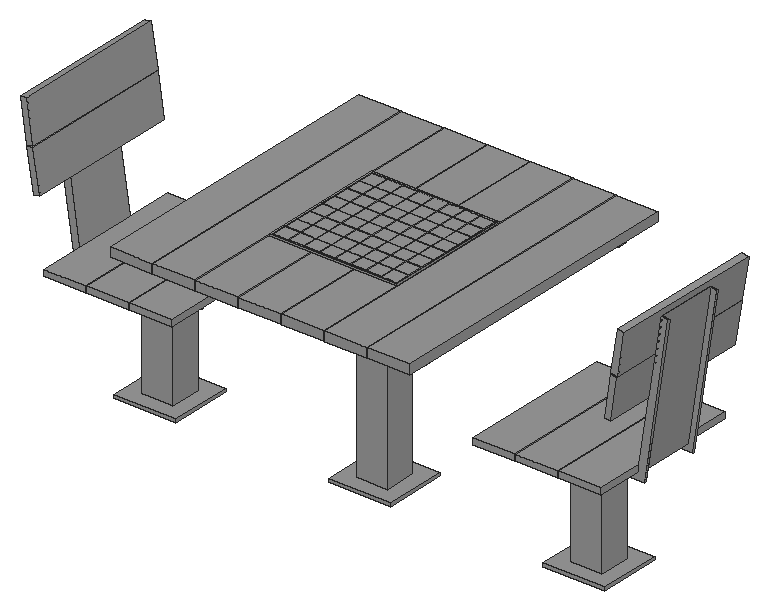
Revit family "Стол шахматный с комплектом стульев «Мюнхен» Арт 20372", category Антураж, Revit 2018
Family settings
  На основе рабочей плоскости = Нет
  Всегда вертикально = Да
  При загрузке вырезать с полостями = Нет
  Источник визуального образа = Геометрия семейства
  Общий = Нет
  Точка расчета площади = Нет
Parameters (values of type "Стол шахматный со стульями «Мюнхен»")
  Ширина = 963 mm  # constant formula
  Цвет отделки = Дерево
  Цвет каркаса = Сталь
  Описание = "Стол шахматный с комплектом стульев «Мюнхен»"  # constant formula
  Материал изделия = "Сталь, дерево"  # constant formula
  Изображение типоразмера = Стол шахматный с комплектом стульев Мюнхен Арт 20372.jpg
  Изготовитель = "ООО «Хоббика»"  # constant formula
  Длина = 1000 mm  # constant formula
  Группа модели = "Новинки"  # constant formula
  Высота = 720 mm  # constant formula
  Артикул товара = "Арт. 20372"  # constant formula
  URL = "https://hobbyka.ru/product/stol_shakhmatnyy_s_komplektom_stulev_myunkhen/"
Reference planes
  plane 1 "По центру (Вперед/Назад)": y = 0
  plane 2: z = 0
  plane 3 "По центру (Влево/Вправо)": x = 0
  plane 4: x = 963
  plane 5: y = 1000
  plane 6: z = 720
Forms (mm)
  Extrusion 1, solid, material "Дерево" <- "Цвет отделки"
    sketch origin (0, 0, 0) x (1, 0, 0) y (0, 1, 0)
      loop
        line (0, 1000) -> (0, 0) -> (135, 0) -> (135, 1000) -> (0, 1000)
    from 690 to 720
  Extrusion 2, solid, material "Дерево" <- "Цвет отделки"
    sketch origin (138, 0, 0) x (1, 0, 0) y (0, 1, 0)
      loop
        line (0, 1000) -> (0, 0) -> (135, 0) -> (135, 1000) -> (0, 1000)
    from 690 to 720
  Extrusion 3, solid, material "Дерево" <- "Цвет отделки"
    sketch origin (276, 0, 0) x (1, 0, 0) y (0, 1, 0)
      loop
        line (0, 1000) -> (0, 0) -> (135, 0) -> (135, 1000) -> (0, 1000)
    from 690 to 720
  Extrusion 4, solid, material "Дерево" <- "Цвет отделки"
    sketch origin (414, 0, 0) x (1, 0, 0) y (0, 1, 0)
      loop
        line (0, 1000) -> (0, 0) -> (135, 0) -> (135, 1000) -> (0, 1000)
    from 690 to 720
  Extrusion 5, solid, material "Дерево" <- "Цвет отделки"
    sketch origin (552, 0, 0) x (1, 0, 0) y (0, 1, 0)
      loop
        line (0, 1000) -> (0, 0) -> (135, 0) -> (135, 1000) -> (0, 1000)
    from 690 to 720
  Extrusion 6, solid, material "Дерево" <- "Цвет отделки"
    sketch origin (690, 0, 0) x (1, 0, 0) y (0, 1, 0)
      loop
        line (0, 1000) -> (0, 0) -> (135, 0) -> (135, 1000) -> (0, 1000)
    from 690 to 720
  Extrusion 7, solid, material "Дерево" <- "Цвет отделки"
    sketch origin (828, 0, 0) x (1, 0, 0) y (0, 1, 0)
      loop
        line (0, 1000) -> (0, 0) -> (135, 0) -> (135, 1000) -> (0, 1000)
    from 690 to 720
  Extrusion 8, solid, material "Доска светлые"
    sketch origin (963, 0, 0) x (-1, 0, 0) y (0, -1, 0)
      loop
        line (276, -705.5) -> (687, -705.5) -> (687, -294.5) -> (276, -294.5) -> (276, -705.5)
      loop
        line (281.5, -700) -> (681.5, -700) -> (681.5, -300) -> (281.5, -300) -> (281.5, -700)
    from 720 to 725
  Extrusion 9, solid, material "Доска светлые"
    sketch origin (963, 0, 0) x (-1, 0, 0) y (0, -1, 0)
      loop
        line (281.5, -700) -> (331.5, -700) -> (331.5, -650) -> (281.5, -650) -> (281.5, -700)
    from 720 to 725
  Extrusion 10, solid, material "Доска светлые"
    sketch origin (863, 0, 0) x (-1, 0, 0) y (0, -1, 0)
      loop
        line (281.5, -700) -> (331.5, -700) -> (331.5, -650) -> (281.5, -650) -> (281.5, -700)
    from 720 to 725
  Extrusion 11, solid, material "Доска светлые"
    sketch origin (763, 0, 0) x (-1, 0, 0) y (0, -1, 0)
      loop
        line (281.5, -700) -> (331.5, -700) -> (331.5, -650) -> (281.5, -650) -> (281.5, -700)
    from 720 to 725
  Extrusion 12, solid, material "Доска светлые"
    sketch origin (663, 0, 0) x (-1, 0, 0) y (0, -1, 0)
      loop
        line (281.5, -700) -> (331.5, -700) -> (331.5, -650) -> (281.5, -650) -> (281.5, -700)
    from 720 to 725
  Extrusion 13, solid, material "Доска светлые"
    sketch origin (963, -100, 0) x (-1, 0, 0) y (0, -1, 0)
      loop
        line (281.5, -700) -> (331.5, -700) -> (331.5, -650) -> (281.5, -650) -> (281.5, -700)
    from 720 to 725
  Extrusion 14, solid, material "Доска светлые"
    sketch origin (863, -100, 0) x (-1, 0, 0) y (0, -1, 0)
      loop
        line (281.5, -700) -> (331.5, -700) -> (331.5, -650) -> (281.5, -650) -> (281.5, -700)
    from 720 to 725
  Extrusion 15, solid, material "Доска светлые"
    sketch origin (763, -100, 0) x (-1, 0, 0) y (0, -1, 0)
      loop
        line (281.5, -700) -> (331.5, -700) -> (331.5, -650) -> (281.5, -650) -> (281.5, -700)
    from 720 to 725
  Extrusion 16, solid, material "Доска светлые"
    sketch origin (663, -100, 0) x (-1, 0, 0) y (0, -1, 0)
      loop
        line (281.5, -700) -> (331.5, -700) -> (331.5, -650) -> (281.5, -650) -> (281.5, -700)
    from 720 to 725
  Extrusion 17, solid, material "Доска светлые"
    sketch origin (963, -200, 0) x (-1, 0, 0) y (0, -1, 0)
      loop
        line (281.5, -700) -> (331.5, -700) -> (331.5, -650) -> (281.5, -650) -> (281.5, -700)
    from 720 to 725
  Extrusion 18, solid, material "Доска светлые"
    sketch origin (863, -200, 0) x (-1, 0, 0) y (0, -1, 0)
      loop
        line (281.5, -700) -> (331.5, -700) -> (331.5, -650) -> (281.5, -650) -> (281.5, -700)
    from 720 to 725
  Extrusion 19, solid, material "Доска светлые"
    sketch origin (763, -200, 0) x (-1, 0, 0) y (0, -1, 0)
      loop
        line (281.5, -700) -> (331.5, -700) -> (331.5, -650) -> (281.5, -650) -> (281.5, -700)
    from 720 to 725
  Extrusion 20, solid, material "Доска светлые"
    sketch origin (663, -200, 0) x (-1, 0, 0) y (0, -1, 0)
      loop
        line (281.5, -700) -> (331.5, -700) -> (331.5, -650) -> (281.5, -650) -> (281.5, -700)
    from 720 to 725
  Extrusion 21, solid, material "Доска светлые"
    sketch origin (963, -300, 0) x (-1, 0, 0) y (0, -1, 0)
      loop
        line (281.5, -700) -> (331.5, -700) -> (331.5, -650) -> (281.5, -650) -> (281.5, -700)
    from 720 to 725
  Extrusion 22, solid, material "Доска светлые"
    sketch origin (863, -300, 0) x (-1, 0, 0) y (0, -1, 0)
      loop
        line (281.5, -700) -> (331.5, -700) -> (331.5, -650) -> (281.5, -650) -> (281.5, -700)
    from 720 to 725
  Extrusion 23, solid, material "Доска светлые"
    sketch origin (763, -300, 0) x (-1, 0, 0) y (0, -1, 0)
      loop
        line (281.5, -700) -> (331.5, -700) -> (331.5, -650) -> (281.5, -650) -> (281.5, -700)
    from 720 to 725
  Extrusion 24, solid, material "Доска светлые"
    sketch origin (663, -300, 0) x (-1, 0, 0) y (0, -1, 0)
      loop
        line (281.5, -700) -> (331.5, -700) -> (331.5, -650) -> (281.5, -650) -> (281.5, -700)
    from 720 to 725
  Extrusion 25, solid, material "Доска светлые"
    sketch origin (913, -50, 0) x (-1, 0, 0) y (0, -1, 0)
      loop
        line (281.5, -700) -> (331.5, -700) -> (331.5, -650) -> (281.5, -650) -> (281.5, -700)
    from 720 to 725
  Extrusion 26, solid, material "Доска светлые"
    sketch origin (813, -50, 0) x (-1, 0, 0) y (0, -1, 0)
      loop
        line (281.5, -700) -> (331.5, -700) -> (331.5, -650) -> (281.5, -650) -> (281.5, -700)
    from 720 to 725
  Extrusion 27, solid, material "Доска светлые"
    sketch origin (713, -50, 0) x (-1, 0, 0) y (0, -1, 0)
      loop
        line (281.5, -700) -> (331.5, -700) -> (331.5, -650) -> (281.5, -650) -> (281.5, -700)
    from 720 to 725
  Extrusion 28, solid, material "Доска светлые"
    sketch origin (613, -50, 0) x (-1, 0, 0) y (0, -1, 0)
      loop
        line (281.5, -700) -> (331.5, -700) -> (331.5, -650) -> (281.5, -650) -> (281.5, -700)
    from 720 to 725
  Extrusion 29, solid, material "Доска светлые"
    sketch origin (913, -150, 0) x (-1, 0, 0) y (0, -1, 0)
      loop
        line (281.5, -700) -> (331.5, -700) -> (331.5, -650) -> (281.5, -650) -> (281.5, -700)
    from 720 to 725
  Extrusion 30, solid, material "Доска светлые"
    sketch origin (813, -150, 0) x (-1, 0, 0) y (0, -1, 0)
      loop
        line (281.5, -700) -> (331.5, -700) -> (331.5, -650) -> (281.5, -650) -> (281.5, -700)
    from 720 to 725
  Extrusion 31, solid, material "Доска светлые"
    sketch origin (713, -150, 0) x (-1, 0, 0) y (0, -1, 0)
      loop
        line (281.5, -700) -> (331.5, -700) -> (331.5, -650) -> (281.5, -650) -> (281.5, -700)
    from 720 to 725
  Extrusion 32, solid, material "Доска светлые"
    sketch origin (613, -150, 0) x (-1, 0, 0) y (0, -1, 0)
      loop
        line (281.5, -700) -> (331.5, -700) -> (331.5, -650) -> (281.5, -650) -> (281.5, -700)
    from 720 to 725
  Extrusion 33, solid, material "Доска светлые"
    sketch origin (913, -250, 0) x (-1, 0, 0) y (0, -1, 0)
      loop
        line (281.5, -700) -> (331.5, -700) -> (331.5, -650) -> (281.5, -650) -> (281.5, -700)
    from 720 to 725
  Extrusion 34, solid, material "Доска светлые"
    sketch origin (813, -250, 0) x (-1, 0, 0) y (0, -1, 0)
      loop
        line (281.5, -700) -> (331.5, -700) -> (331.5, -650) -> (281.5, -650) -> (281.5, -700)
    from 720 to 725
  Extrusion 35, solid, material "Доска светлые"
    sketch origin (713, -250, 0) x (-1, 0, 0) y (0, -1, 0)
      loop
        line (281.5, -700) -> (331.5, -700) -> (331.5, -650) -> (281.5, -650) -> (281.5, -700)
    from 720 to 725
  Extrusion 36, solid, material "Доска светлые"
    sketch origin (613, -250, 0) x (-1, 0, 0) y (0, -1, 0)
      loop
        line (281.5, -700) -> (331.5, -700) -> (331.5, -650) -> (281.5, -650) -> (281.5, -700)
    from 720 to 725
  Extrusion 37, solid, material "Доска светлые"
    sketch origin (913, -350, 0) x (-1, 0, 0) y (0, -1, 0)
      loop
        line (281.5, -700) -> (331.5, -700) -> (331.5, -650) -> (281.5, -650) -> (281.5, -700)
    from 720 to 725
  Extrusion 38, solid, material "Доска светлые"
    sketch origin (813, -350, 0) x (-1, 0, 0) y (0, -1, 0)
      loop
        line (281.5, -700) -> (331.5, -700) -> (331.5, -650) -> (281.5, -650) -> (281.5, -700)
    from 720 to 725
  Extrusion 39, solid, material "Доска светлые"
    sketch origin (713, -350, 0) x (-1, 0, 0) y (0, -1, 0)
      loop
        line (281.5, -700) -> (331.5, -700) -> (331.5, -650) -> (281.5, -650) -> (281.5, -700)
    from 720 to 725
  Extrusion 40, solid, material "Доска светлые"
    sketch origin (613, -350, 0) x (-1, 0, 0) y (0, -1, 0)
      loop
        line (281.5, -700) -> (331.5, -700) -> (331.5, -650) -> (281.5, -650) -> (281.5, -700)
    from 720 to 725
  Extrusion 41, solid, material "Доска темные"
    sketch origin (963, 0, 0) x (-1, 0, 0) y (0, -1, 0)
      loop
        line (331.5, -700) -> (381.5, -700) -> (381.5, -650) -> (331.5, -650) -> (331.5, -700)
      loop
        line (431.5, -700) -> (481.5, -700) -> (481.5, -650) -> (431.5, -650) -> (431.5, -700)
      loop
        line (531.5, -700) -> (581.5, -700) -> (581.5, -650) -> (531.5, -650) -> (531.5, -700)
      loop
        line (631.5, -700) -> (681.5, -700) -> (681.5, -650) -> (631.5, -650) -> (631.5, -700)
    from 720 to 725
  Extrusion 42, solid, material "Доска темные"
    sketch origin (963, -100, 0) x (-1, 0, 0) y (0, -1, 0)
      loop
        line (331.5, -700) -> (381.5, -700) -> (381.5, -650) -> (331.5, -650) -> (331.5, -700)
      loop
        line (431.5, -700) -> (481.5, -700) -> (481.5, -650) -> (431.5, -650) -> (431.5, -700)
      loop
        line (531.5, -700) -> (581.5, -700) -> (581.5, -650) -> (531.5, -650) -> (531.5, -700)
      loop
        line (631.5, -700) -> (681.5, -700) -> (681.5, -650) -> (631.5, -650) -> (631.5, -700)
    from 720 to 725
  Extrusion 43, solid, material "Доска темные"
    sketch origin (963, -200, 0) x (-1, 0, 0) y (0, -1, 0)
      loop
        line (331.5, -700) -> (381.5, -700) -> (381.5, -650) -> (331.5, -650) -> (331.5, -700)
      loop
        line (431.5, -700) -> (481.5, -700) -> (481.5, -650) -> (431.5, -650) -> (431.5, -700)
      loop
        line (531.5, -700) -> (581.5, -700) -> (581.5, -650) -> (531.5, -650) -> (531.5, -700)
      loop
        line (631.5, -700) -> (681.5, -700) -> (681.5, -650) -> (631.5, -650) -> (631.5, -700)
    from 720 to 725
  Extrusion 44, solid, material "Доска темные"
    sketch origin (963, -300, 0) x (-1, 0, 0) y (0, -1, 0)
      loop
        line (331.5, -700) -> (381.5, -700) -> (381.5, -650) -> (331.5, -650) -> (331.5, -700)
      loop
        line (431.5, -700) -> (481.5, -700) -> (481.5, -650) -> (431.5, -650) -> (431.5, -700)
      loop
        line (531.5, -700) -> (581.5, -700) -> (581.5, -650) -> (531.5, -650) -> (531.5, -700)
      loop
        line (631.5, -700) -> (681.5, -700) -> (681.5, -650) -> (631.5, -650) -> (631.5, -700)
    from 720 to 725
  Extrusion 45, solid, material "Доска темные"
    sketch origin (1013, -50, 0) x (-1, 0, 0) y (0, -1, 0)
      loop
        line (331.5, -700) -> (381.5, -700) -> (381.5, -650) -> (331.5, -650) -> (331.5, -700)
      loop
        line (431.5, -700) -> (481.5, -700) -> (481.5, -650) -> (431.5, -650) -> (431.5, -700)
      loop
        line (531.5, -700) -> (581.5, -700) -> (581.5, -650) -> (531.5, -650) -> (531.5, -700)
      loop
        line (631.5, -700) -> (681.5, -700) -> (681.5, -650) -> (631.5, -650) -> (631.5, -700)
    from 720 to 725
  Extrusion 46, solid, material "Доска темные"
    sketch origin (1013, -150, 0) x (-1, 0, 0) y (0, -1, 0)
      loop
        line (331.5, -700) -> (381.5, -700) -> (381.5, -650) -> (331.5, -650) -> (331.5, -700)
      loop
        line (431.5, -700) -> (481.5, -700) -> (481.5, -650) -> (431.5, -650) -> (431.5, -700)
      loop
        line (531.5, -700) -> (581.5, -700) -> (581.5, -650) -> (531.5, -650) -> (531.5, -700)
      loop
        line (631.5, -700) -> (681.5, -700) -> (681.5, -650) -> (631.5, -650) -> (631.5, -700)
    from 720 to 725
  Extrusion 47, solid, material "Доска темные"
    sketch origin (1013, -250, 0) x (-1, 0, 0) y (0, -1, 0)
      loop
        line (331.5, -700) -> (381.5, -700) -> (381.5, -650) -> (331.5, -650) -> (331.5, -700)
      loop
        line (431.5, -700) -> (481.5, -700) -> (481.5, -650) -> (431.5, -650) -> (431.5, -700)
      loop
        line (531.5, -700) -> (581.5, -700) -> (581.5, -650) -> (531.5, -650) -> (531.5, -700)
      loop
        line (631.5, -700) -> (681.5, -700) -> (681.5, -650) -> (631.5, -650) -> (631.5, -700)
    from 720 to 725
  Extrusion 48, solid, material "Доска темные"
    sketch origin (1013, -350, 0) x (-1, 0, 0) y (0, -1, 0)
      loop
        line (331.5, -700) -> (381.5, -700) -> (381.5, -650) -> (331.5, -650) -> (331.5, -700)
      loop
        line (431.5, -700) -> (481.5, -700) -> (481.5, -650) -> (431.5, -650) -> (431.5, -700)
      loop
        line (531.5, -700) -> (581.5, -700) -> (581.5, -650) -> (531.5, -650) -> (531.5, -700)
      loop
        line (631.5, -700) -> (681.5, -700) -> (681.5, -650) -> (631.5, -650) -> (631.5, -700)
    from 720 to 725
  Extrusion 49, solid, material "Сталь" <- "Цвет каркаса"
    sketch origin (0, 0, 0) x (1, 0, 0) y (0, 1, 0)
      loop
        line (381.5, 600) -> (381.5, 400) -> (581.5, 400) -> (581.5, 600) -> (381.5, 600)
    from 0 to 10
  Extrusion 50, solid, material "Сталь" <- "Цвет каркаса"
    sketch origin (0, 0, 0) x (1, 0, 0) y (0, 1, 0)
      loop
        line (431.5, 550) -> (431.5, 450) -> (531.5, 450) -> (531.5, 550) -> (431.5, 550)
    from 0 to 690
  Extrusion 51, solid, material "Сталь" <- "Цвет каркаса"
    sketch origin (0, 0, 0) x (1, 0, 0) y (0, 1, 0)
      loop
        line (25, 900) -> (25, 875) -> (466.774, 500) -> (25, 125) -> (25, 100) -> (938, 100) -> (938, 125) -> (496.226, 500) -> (938, 875) -> (938, 900) -> (25, 900)
      loop
        line (908.548, 875) -> (54.452, 875) -> (481.5, 512.5) -> (908.548, 875)
      loop
        line (908.548, 125) -> (481.5, 487.5) -> (54.452, 125) -> (908.548, 125)
    from 665 to 690
  Extrusion 52, solid, material "Сталь" <- "Цвет каркаса"
    sketch origin (-690, 0, 0) x (1, 0, 0) y (0, 1, 0)
      loop
        line (381.5, 600) -> (381.5, 400) -> (581.5, 400) -> (581.5, 600) -> (381.5, 600)
    from 0 to 10
  Extrusion 53, solid, material "Сталь" <- "Цвет каркаса"
    sketch origin (-690, 0, 0) x (1, 0, 0) y (0, 1, 0)
      loop
        line (431.5, 550) -> (431.5, 450) -> (531.5, 450) -> (531.5, 550) -> (431.5, 550)
    from 0 to 380
  Extrusion 54, solid, material "Дерево" <- "Цвет отделки"
    sketch origin (-414, 0, 0) x (1, 0, 0) y (0, 1, 0)
      loop
        line (0, 750) -> (0, 250) -> (135, 250) -> (135, 750) -> (0, 750)
    from 380 to 400
  Extrusion 55, solid, material "Дерево" <- "Цвет отделки"
    sketch origin (-276, 0, 0) x (1, 0, 0) y (0, 1, 0)
      loop
        line (0, 750) -> (0, 250) -> (135, 250) -> (135, 750) -> (0, 750)
    from 380 to 400
  Extrusion 56, solid, material "Дерево" <- "Цвет отделки"
    sketch origin (-138, 0, 0) x (1, 0, 0) y (0, 1, 0)
      loop
        line (0, 750) -> (0, 250) -> (135, 250) -> (135, 750) -> (0, 750)
    from 380 to 400
  Extrusion 57, solid, material "Дерево" <- "Цвет отделки"
    sketch origin (-864.935, 0, 813.426) x (0.156434, 0, -0.987688) y (0, 1, 0)
      loop
        line (0, 750) -> (0, 250) -> (135, 250) -> (135, 750) -> (0, 750)
    from 380 to 400
  Extrusion 58, solid, material "Дерево" <- "Цвет отделки"
    sketch origin (-843.347, 0, 677.125) x (0.156434, 0, -0.987688) y (0, 1, 0)
      loop
        line (0, 750) -> (0, 250) -> (135, 250) -> (135, 750) -> (0, 750)
    from 380 to 400
  Sweep 59, solid, material "Сталь" <- "Цвет каркаса"
    path origin (0, 0, 0) x (1, 0, 0) y (0, 0, 1)
      loop
        line (-486.78, 854.52) -> (-413.952, 380) -> (-28, 380)
    profile origin (-220.976, 0, 380) x (0, 0, 1) y (0, -1, 0)
      loop
        line (0, -400) -> (-25, -400) -> (-25, -405) -> (-5, -405) -> (-5, -595) -> (-25, -595) -> (-25, -600) -> (0, -600) -> (0, -400)
  Extrusion 60, solid, material "Сталь" <- "Цвет каркаса"
    sketch origin (1653, 0, 0) x (-1, 0, 0) y (0, -1, 0)
      loop
        line (381.5, -600) -> (581.5, -600) -> (581.5, -400) -> (381.5, -400) -> (381.5, -600)
    from 0 to 10
  Extrusion 61, solid, material "Сталь" <- "Цвет каркаса"
    sketch origin (1653, 0, 0) x (-1, 0, 0) y (0, -1, 0)
      loop
        line (431.5, -550) -> (531.5, -550) -> (531.5, -450) -> (431.5, -450) -> (431.5, -550)
    from 0 to 380
  Extrusion 62, solid, material "Дерево" <- "Цвет отделки"
    sketch origin (1377, 0, 0) x (-1, 0, 0) y (0, -1, 0)
      loop
        line (0, -750) -> (135, -750) -> (135, -250) -> (0, -250) -> (0, -750)
    from 380 to 400
  Extrusion 63, solid, material "Дерево" <- "Цвет отделки"
    sketch origin (1239, 0, 0) x (-1, 0, 0) y (0, -1, 0)
      loop
        line (0, -750) -> (135, -750) -> (135, -250) -> (0, -250) -> (0, -750)
    from 380 to 400
  Extrusion 64, solid, material "Дерево" <- "Цвет отделки"
    sketch origin (1101, 0, 0) x (-1, 0, 0) y (0, -1, 0)
      loop
        line (0, -750) -> (135, -750) -> (135, -250) -> (0, -250) -> (0, -750)
    from 380 to 400
  Extrusion 65, solid, material "Дерево" <- "Цвет отделки"
    sketch origin (1827.935, 0, 813.426) x (-0.156434, 0, -0.987688) y (0, -1, 0)
      loop
        line (0, -750) -> (135, -750) -> (135, -250) -> (0, -250) -> (0, -750)
    from 380 to 400
  Extrusion 66, solid, material "Дерево" <- "Цвет отделки"
    sketch origin (1806.347, 0, 677.125) x (-0.156434, 0, -0.987688) y (0, -1, 0)
      loop
        line (0, -750) -> (135, -750) -> (135, -250) -> (0, -250) -> (0, -750)
    from 380 to 400
  Sweep 67, solid, material "Сталь" <- "Цвет каркаса"
    path origin (963, 0, 0) x (-1, 0, 0) y (0, 0, 1)
      loop
        line (-486.78, 854.52) -> (-413.952, 380) -> (-28, 380)
    profile origin (1183.976, 0, 380) x (0, 0, -1) y (0, -1, 0)
      loop
        line (0, -400) -> (0, -600) -> (25, -600) -> (25, -595) -> (5, -595) -> (5, -405) -> (25, -405) -> (25, -400) -> (0, -400)
Cuts and joins
  joined: Extrusion 49, Extrusion 50, Extrusion 51
Dimensions and locks
  "Длина": plane 5 to plane 1 "По центру (Вперед/Назад)"
  "Ширина": plane 3 "По центру (Влево/Вправо)" to plane 4
  "Высота": plane 6 to plane 2
  aligned and locked: level to plane 2
Automatic sketch dimensions
  plane 1 "По центру (Вперед/Назад)" to Extrusion 1 sketch curve = 0 mm
  Extrusion 1 sketch curve to plane 3 "По центру (Влево/Вправо)" = 0 mm
  Extrusion 1 sketch curve to plane 5 = 0 mm
  plane 3 "По центру (Влево/Вправо)" to Extrusion 1 sketch curve = 135 mm
  plane 1 "По центру (Вперед/Назад)" to Extrusion 2 sketch curve = 0 mm
  Extrusion 2 sketch curve to plane 5 = 0 mm
  plane 3 "По центру (Влево/Вправо)" to Extrusion 2 sketch curve = 138 mm
  Extrusion 2 sketch curve to Extrusion 2 sketch curve = 135 mm
  plane 1 "По центру (Вперед/Назад)" to Extrusion 3 sketch curve = 0 mm
  Extrusion 3 sketch curve to plane 5 = 0 mm
  plane 3 "По центру (Влево/Вправо)" to Extrusion 3 sketch curve = 276 mm
  Extrusion 3 sketch curve to Extrusion 3 sketch curve = 135 mm
  plane 1 "По центру (Вперед/Назад)" to Extrusion 4 sketch curve = 0 mm
  Extrusion 4 sketch curve to plane 5 = 0 mm
  plane 3 "По центру (Влево/Вправо)" to Extrusion 4 sketch curve = 414 mm
  Extrusion 4 sketch curve to Extrusion 4 sketch curve = 135 mm
  plane 1 "По центру (Вперед/Назад)" to Extrusion 5 sketch curve = 0 mm
  Extrusion 5 sketch curve to plane 5 = 0 mm
  Extrusion 5 sketch curve to plane 4 = 411 mm
  Extrusion 5 sketch curve to Extrusion 5 sketch curve = 135 mm
  plane 1 "По центру (Вперед/Назад)" to Extrusion 6 sketch curve = 0 mm
  Extrusion 6 sketch curve to plane 5 = 0 mm
  Extrusion 6 sketch curve to plane 4 = 273 mm
  Extrusion 6 sketch curve to Extrusion 6 sketch curve = 135 mm
  plane 1 "По центру (Вперед/Назад)" to Extrusion 7 sketch curve = 0 mm
  Extrusion 7 sketch curve to plane 5 = 0 mm
  Extrusion 7 sketch curve to plane 4 = 0 mm
  Extrusion 7 sketch curve to Extrusion 7 sketch curve = 135 mm
  Extrusion 8 sketch curve to plane 4 = 276 mm
  Extrusion 8 sketch curve to Extrusion 8 sketch curve = 5.5 mm  (x4)
  plane 3 "По центру (Влево/Вправо)" to Extrusion 8 sketch curve = 281.5 mm
  Extrusion 8 sketch curve to plane 5 = 294.5 mm
  Extrusion 8 sketch curve to plane 1 "По центру (Вперед/Назад)" = 300 mm
  Extrusion 9 sketch curve to plane 4 = 281.5 mm
  Extrusion 9 sketch curve to Extrusion 9 sketch curve = 50 mm  (x2)
  Extrusion 9 sketch curve to plane 5 = 300 mm
  Extrusion 10 sketch curve to plane 4 = 381.5 mm
  Extrusion 10 sketch curve to Extrusion 10 sketch curve = 50 mm  (x2)
  Extrusion 10 sketch curve to plane 5 = 300 mm
  plane 3 "По центру (Влево/Вправо)" to Extrusion 11 sketch curve = 481.5 mm
  Extrusion 11 sketch curve to Extrusion 11 sketch curve = 50 mm  (x2)
  Extrusion 11 sketch curve to plane 5 = 300 mm
  plane 3 "По центру (Влево/Вправо)" to Extrusion 12 sketch curve = 381.5 mm
  Extrusion 12 sketch curve to Extrusion 12 sketch curve = 50 mm  (x2)
  Extrusion 12 sketch curve to plane 5 = 300 mm
  Extrusion 13 sketch curve to plane 4 = 281.5 mm
  Extrusion 13 sketch curve to Extrusion 13 sketch curve = 50 mm  (x2)
  Extrusion 13 sketch curve to plane 5 = 400 mm
  Extrusion 14 sketch curve to plane 4 = 381.5 mm
  Extrusion 14 sketch curve to Extrusion 14 sketch curve = 50 mm  (x2)
  Extrusion 14 sketch curve to plane 5 = 400 mm
  plane 3 "По центру (Влево/Вправо)" to Extrusion 15 sketch curve = 481.5 mm
  Extrusion 15 sketch curve to Extrusion 15 sketch curve = 50 mm  (x2)
  Extrusion 15 sketch curve to plane 5 = 400 mm
  plane 3 "По центру (Влево/Вправо)" to Extrusion 16 sketch curve = 381.5 mm
  Extrusion 16 sketch curve to Extrusion 16 sketch curve = 50 mm  (x2)
  Extrusion 16 sketch curve to plane 5 = 400 mm
  Extrusion 17 sketch curve to plane 4 = 281.5 mm
  Extrusion 17 sketch curve to Extrusion 17 sketch curve = 50 mm  (x2)
  Extrusion 17 sketch curve to plane 1 "По центру (Вперед/Назад)" = 500 mm
  Extrusion 18 sketch curve to plane 4 = 381.5 mm
  Extrusion 18 sketch curve to Extrusion 18 sketch curve = 50 mm  (x2)
  Extrusion 18 sketch curve to plane 1 "По центру (Вперед/Назад)" = 500 mm
  plane 3 "По центру (Влево/Вправо)" to Extrusion 19 sketch curve = 481.5 mm
  Extrusion 19 sketch curve to Extrusion 19 sketch curve = 50 mm  (x2)
  Extrusion 19 sketch curve to plane 1 "По центру (Вперед/Назад)" = 500 mm
  plane 3 "По центру (Влево/Вправо)" to Extrusion 20 sketch curve = 381.5 mm
  Extrusion 20 sketch curve to Extrusion 20 sketch curve = 50 mm  (x2)
  Extrusion 20 sketch curve to plane 1 "По центру (Вперед/Назад)" = 500 mm
  Extrusion 21 sketch curve to plane 4 = 281.5 mm
  Extrusion 21 sketch curve to Extrusion 21 sketch curve = 50 mm  (x2)
  Extrusion 21 sketch curve to plane 1 "По центру (Вперед/Назад)" = 400 mm
  Extrusion 22 sketch curve to plane 4 = 381.5 mm
  Extrusion 22 sketch curve to Extrusion 22 sketch curve = 50 mm  (x2)
  Extrusion 22 sketch curve to plane 1 "По центру (Вперед/Назад)" = 400 mm
  plane 3 "По центру (Влево/Вправо)" to Extrusion 23 sketch curve = 481.5 mm
  Extrusion 23 sketch curve to Extrusion 23 sketch curve = 50 mm  (x2)
  Extrusion 23 sketch curve to plane 1 "По центру (Вперед/Назад)" = 400 mm
  plane 3 "По центру (Влево/Вправо)" to Extrusion 24 sketch curve = 381.5 mm
  Extrusion 24 sketch curve to Extrusion 24 sketch curve = 50 mm  (x2)
  Extrusion 24 sketch curve to plane 1 "По центру (Вперед/Назад)" = 400 mm
  Extrusion 25 sketch curve to plane 4 = 331.5 mm
  Extrusion 25 sketch curve to Extrusion 25 sketch curve = 50 mm  (x2)
  Extrusion 25 sketch curve to plane 5 = 350 mm
  Extrusion 26 sketch curve to plane 4 = 431.5 mm
  Extrusion 26 sketch curve to Extrusion 26 sketch curve = 50 mm  (x2)
  Extrusion 26 sketch curve to plane 5 = 350 mm
  plane 3 "По центру (Влево/Вправо)" to Extrusion 27 sketch curve = 431.5 mm
  Extrusion 27 sketch curve to Extrusion 27 sketch curve = 50 mm  (x2)
  Extrusion 27 sketch curve to plane 5 = 350 mm
  plane 3 "По центру (Влево/Вправо)" to Extrusion 28 sketch curve = 331.5 mm
  Extrusion 28 sketch curve to Extrusion 28 sketch curve = 50 mm  (x2)
  Extrusion 28 sketch curve to plane 5 = 350 mm
  Extrusion 29 sketch curve to plane 4 = 331.5 mm
  Extrusion 29 sketch curve to Extrusion 29 sketch curve = 50 mm  (x2)
  Extrusion 29 sketch curve to plane 5 = 450 mm
  Extrusion 30 sketch curve to plane 4 = 431.5 mm
  Extrusion 30 sketch curve to Extrusion 30 sketch curve = 50 mm  (x2)
  Extrusion 30 sketch curve to plane 5 = 450 mm
  plane 3 "По центру (Влево/Вправо)" to Extrusion 31 sketch curve = 431.5 mm
  Extrusion 31 sketch curve to Extrusion 31 sketch curve = 50 mm  (x2)
  Extrusion 31 sketch curve to plane 5 = 450 mm
  plane 3 "По центру (Влево/Вправо)" to Extrusion 32 sketch curve = 331.5 mm
  Extrusion 32 sketch curve to Extrusion 32 sketch curve = 50 mm  (x2)
  Extrusion 32 sketch curve to plane 5 = 450 mm
  Extrusion 33 sketch curve to plane 4 = 331.5 mm
  Extrusion 33 sketch curve to Extrusion 33 sketch curve = 50 mm  (x2)
  Extrusion 33 sketch curve to plane 1 "По центру (Вперед/Назад)" = 450 mm
  Extrusion 34 sketch curve to plane 4 = 431.5 mm
  Extrusion 34 sketch curve to Extrusion 34 sketch curve = 50 mm  (x2)
  Extrusion 34 sketch curve to plane 1 "По центру (Вперед/Назад)" = 450 mm
  plane 3 "По центру (Влево/Вправо)" to Extrusion 35 sketch curve = 431.5 mm
  Extrusion 35 sketch curve to Extrusion 35 sketch curve = 50 mm  (x2)
  Extrusion 35 sketch curve to plane 1 "По центру (Вперед/Назад)" = 450 mm
  plane 3 "По центру (Влево/Вправо)" to Extrusion 36 sketch curve = 331.5 mm
  Extrusion 36 sketch curve to Extrusion 36 sketch curve = 50 mm  (x2)
  Extrusion 36 sketch curve to plane 1 "По центру (Вперед/Назад)" = 450 mm
  Extrusion 37 sketch curve to plane 4 = 331.5 mm
  Extrusion 37 sketch curve to Extrusion 37 sketch curve = 50 mm  (x2)
  Extrusion 37 sketch curve to plane 1 "По центру (Вперед/Назад)" = 350 mm
  Extrusion 38 sketch curve to plane 4 = 431.5 mm
  Extrusion 38 sketch curve to Extrusion 38 sketch curve = 50 mm  (x2)
  Extrusion 38 sketch curve to plane 1 "По центру (Вперед/Назад)" = 350 mm
  plane 3 "По центру (Влево/Вправо)" to Extrusion 39 sketch curve = 431.5 mm
  Extrusion 39 sketch curve to Extrusion 39 sketch curve = 50 mm  (x2)
  Extrusion 39 sketch curve to plane 1 "По центру (Вперед/Назад)" = 350 mm
  plane 3 "По центру (Влево/Вправо)" to Extrusion 40 sketch curve = 331.5 mm
  Extrusion 40 sketch curve to Extrusion 40 sketch curve = 50 mm  (x2)
  Extrusion 40 sketch curve to plane 1 "По центру (Вперед/Назад)" = 350 mm
  Extrusion 41 sketch curve to plane 4 = 331.5 mm
  Extrusion 41 sketch curve to Extrusion 41 sketch curve = 50 mm  (x8)
  Extrusion 41 sketch curve to plane 5 = 300 mm
  Extrusion 41 sketch curve to Extrusion 41 sketch curve = 0 mm  (x6)
  Extrusion 42 sketch curve to plane 4 = 331.5 mm
  Extrusion 42 sketch curve to Extrusion 42 sketch curve = 50 mm  (x8)
  Extrusion 42 sketch curve to plane 5 = 400 mm
  Extrusion 42 sketch curve to Extrusion 42 sketch curve = 0 mm  (x6)
  Extrusion 43 sketch curve to plane 4 = 331.5 mm
  Extrusion 43 sketch curve to Extrusion 43 sketch curve = 50 mm  (x8)
  Extrusion 43 sketch curve to plane 1 "По центру (Вперед/Назад)" = 500 mm
  Extrusion 43 sketch curve to Extrusion 43 sketch curve = 0 mm  (x6)
  Extrusion 44 sketch curve to plane 4 = 331.5 mm
  Extrusion 44 sketch curve to Extrusion 44 sketch curve = 50 mm  (x8)
  Extrusion 44 sketch curve to plane 1 "По центру (Вперед/Назад)" = 400 mm
  Extrusion 44 sketch curve to Extrusion 44 sketch curve = 0 mm  (x6)
  Extrusion 45 sketch curve to plane 4 = 281.5 mm
  Extrusion 45 sketch curve to Extrusion 45 sketch curve = 50 mm  (x8)
  Extrusion 45 sketch curve to plane 5 = 350 mm
  Extrusion 45 sketch curve to Extrusion 45 sketch curve = 0 mm  (x6)
  Extrusion 46 sketch curve to plane 4 = 281.5 mm
  Extrusion 46 sketch curve to Extrusion 46 sketch curve = 50 mm  (x8)
  Extrusion 46 sketch curve to plane 5 = 450 mm
  Extrusion 46 sketch curve to Extrusion 46 sketch curve = 0 mm  (x6)
  Extrusion 47 sketch curve to plane 4 = 281.5 mm
  Extrusion 47 sketch curve to Extrusion 47 sketch curve = 50 mm  (x8)
  Extrusion 47 sketch curve to plane 1 "По центру (Вперед/Назад)" = 450 mm
  Extrusion 47 sketch curve to Extrusion 47 sketch curve = 0 mm  (x6)
  Extrusion 48 sketch curve to plane 4 = 281.5 mm
  Extrusion 48 sketch curve to Extrusion 48 sketch curve = 50 mm  (x8)
  Extrusion 48 sketch curve to plane 1 "По центру (Вперед/Назад)" = 350 mm
  Extrusion 48 sketch curve to Extrusion 48 sketch curve = 0 mm  (x6)
  plane 3 "По центру (Влево/Вправо)" to Extrusion 49 sketch curve = 381.5 mm
  Extrusion 49 sketch curve to Extrusion 49 sketch curve = 200 mm  (x2)
  Extrusion 49 sketch curve to plane 1 "По центру (Вперед/Назад)" = 400 mm
  plane 3 "По центру (Влево/Вправо)" to Extrusion 50 sketch curve = 431.5 mm
  Extrusion 50 sketch curve to Extrusion 50 sketch curve = 100 mm  (x2)
  Extrusion 50 sketch curve to plane 1 "По центру (Вперед/Назад)" = 450 mm
  plane 3 "По центру (Влево/Вправо)" to Extrusion 51 sketch curve = 25 mm  (x2)
  Extrusion 51 sketch curve to Extrusion 51 sketch curve = 29.452 mm  (x2)
  plane 3 "По центру (Влево/Вправо)" to Extrusion 51 sketch curve = 466.774 mm
  Extrusion 51 sketch curve to Extrusion 51 sketch curve = 14.726 mm  (x3)
  Extrusion 51 sketch curve to plane 4 = 54.452 mm  (x2)
  Extrusion 51 sketch curve to plane 4 = 25 mm  (x2)
  Extrusion 51 sketch curve to plane 1 "По центру (Вперед/Назад)" = 100 mm
  Extrusion 51 sketch curve to Extrusion 51 sketch curve = 25 mm  (x4)
  Extrusion 51 sketch curve to plane 1 "По центру (Вперед/Назад)" = 487.5 mm
  Extrusion 51 sketch curve to Extrusion 51 sketch curve = 12.5 mm  (x3)
  Extrusion 51 sketch curve to plane 5 = 125 mm
  Extrusion 51 sketch curve to Extrusion 51 sketch curve = 0 mm  (x2)
  Extrusion 52 sketch curve to plane 3 "По центру (Влево/Вправо)" = 308.5 mm
  Extrusion 52 sketch curve to plane 3 "По центру (Влево/Вправо)" = 108.5 mm
  Extrusion 52 sketch curve to plane 1 "По центру (Вперед/Назад)" = 400 mm
  Extrusion 52 sketch curve to Extrusion 52 sketch curve = 200 mm
  Extrusion 53 sketch curve to plane 3 "По центру (Влево/Вправо)" = 258.5 mm
  Extrusion 53 sketch curve to Extrusion 53 sketch curve = 100 mm  (x2)
  Extrusion 53 sketch curve to plane 1 "По центру (Вперед/Назад)" = 450 mm
  Extrusion 54 sketch curve to plane 3 "По центру (Влево/Вправо)" = 414 mm
  Extrusion 54 sketch curve to Extrusion 54 sketch curve = 135 mm
  Extrusion 54 sketch curve to plane 1 "По центру (Вперед/Назад)" = 250 mm
  Extrusion 54 sketch curve to plane 5 = 250 mm
  Extrusion 55 sketch curve to plane 3 "По центру (Влево/Вправо)" = 276 mm
  Extrusion 55 sketch curve to Extrusion 55 sketch curve = 135 mm
  Extrusion 55 sketch curve to plane 1 "По центру (Вперед/Назад)" = 250 mm
  Extrusion 55 sketch curve to plane 5 = 250 mm
  Extrusion 56 sketch curve to plane 3 "По центру (Влево/Вправо)" = 138 mm
  Extrusion 56 sketch curve to plane 3 "По центру (Влево/Вправо)" = 3 mm
  Extrusion 56 sketch curve to plane 1 "По центру (Вперед/Назад)" = 250 mm
  Extrusion 56 sketch curve to plane 5 = 250 mm
  Extrusion 57 sketch curve to plane 1 "По центру (Вперед/Назад)" = 250 mm
  Extrusion 57 sketch curve to Extrusion 57 sketch curve = 135 mm
  Extrusion 57 sketch curve to plane 5 = 250 mm
  Extrusion 58 sketch curve to plane 1 "По центру (Вперед/Назад)" = 250 mm
  Extrusion 58 sketch curve to Extrusion 58 sketch curve = 135 mm
  Extrusion 58 sketch curve to plane 5 = 250 mm
  Sweep 59 sketch curve to plane 3 "По центру (Влево/Вправо)" = 413.952 mm
  Sweep 59 sketch curve to plane 6 = 340 mm
  plane 6 to Sweep 59 sketch curve = 134.52 mm
  Sweep 59 sketch curve to Sweep 59 sketch curve = 72.828 mm
  Sweep 59 sketch curve to plane 3 "По центру (Влево/Вправо)" = 28 mm
  profile plane to Sweep 59 sketch curve = 0 mm
  profile plane to Sweep 59 sketch curve = 5 mm
  Sweep 59 sketch curve to Sweep 59 sketch curve = 20 mm  (x2)
  Sweep 59 sketch curve to plane 1 "По центру (Вперед/Назад)" = 600 mm
  Sweep 59 sketch curve to Sweep 59 sketch curve = 5 mm  (x2)
  Sweep 59 sketch curve to Sweep 59 sketch curve = 190 mm
  Extrusion 60 sketch curve to plane 4 = 308.5 mm
  Extrusion 60 sketch curve to plane 4 = 108.5 mm
  plane 1 "По центру (Вперед/Назад)" to Extrusion 60 sketch curve = 400 mm
  Extrusion 60 sketch curve to Extrusion 60 sketch curve = 200 mm
  Extrusion 61 sketch curve to plane 4 = 258.5 mm
  Extrusion 61 sketch curve to Extrusion 61 sketch curve = 100 mm  (x2)
  plane 1 "По центру (Вперед/Назад)" to Extrusion 61 sketch curve = 450 mm
  Extrusion 62 sketch curve to plane 4 = 414 mm
  Extrusion 62 sketch curve to Extrusion 62 sketch curve = 135 mm
  plane 1 "По центру (Вперед/Назад)" to Extrusion 62 sketch curve = 250 mm
  plane 5 to Extrusion 62 sketch curve = 250 mm
  Extrusion 63 sketch curve to plane 4 = 276 mm
  Extrusion 63 sketch curve to Extrusion 63 sketch curve = 135 mm
  plane 1 "По центру (Вперед/Назад)" to Extrusion 63 sketch curve = 250 mm
  plane 5 to Extrusion 63 sketch curve = 250 mm
  Extrusion 64 sketch curve to plane 4 = 138 mm
  Extrusion 64 sketch curve to plane 4 = 3 mm
  plane 1 "По центру (Вперед/Назад)" to Extrusion 64 sketch curve = 250 mm
  plane 5 to Extrusion 64 sketch curve = 250 mm
  Extrusion 65 sketch curve to plane 1 "По центру (Вперед/Назад)" = 250 mm
  Extrusion 65 sketch curve to Extrusion 65 sketch curve = 135 mm
  Extrusion 65 sketch curve to plane 5 = 250 mm
  Extrusion 66 sketch curve to plane 1 "По центру (Вперед/Назад)" = 250 mm
  Extrusion 66 sketch curve to Extrusion 66 sketch curve = 135 mm
  Extrusion 66 sketch curve to plane 5 = 250 mm
  Sweep 67 sketch curve to plane 4 = 413.952 mm
  plane 6 to Sweep 67 sketch curve = 340 mm
  Sweep 67 sketch curve to plane 6 = 134.52 mm
  Sweep 67 sketch curve to Sweep 67 sketch curve = 72.828 mm
  Sweep 67 sketch curve to plane 4 = 28 mm
  Sweep 67 sketch curve to profile plane = 0 mm
  Sweep 67 sketch curve to profile plane = 5 mm
  Sweep 67 sketch curve to Sweep 67 sketch curve = 20 mm  (x2)
  Sweep 67 sketch curve to plane 1 "По центру (Вперед/Назад)" = 600 mm
  Sweep 67 sketch curve to Sweep 67 sketch curve = 5 mm  (x2)
  Sweep 67 sketch curve to Sweep 67 sketch curve = 190 mm
